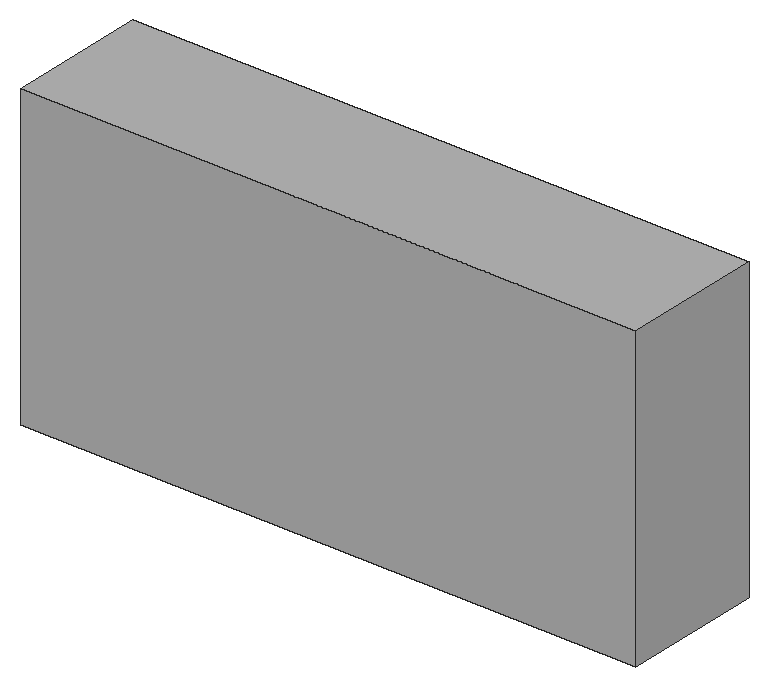
Revit family "100x215x440mm Padstone -PS101", category Generic Models, Revit 2020
Family settings
  Can host rebar = No
  Round Connector Dimension = Use Diameter
  Part Type = Normal
  Work Plane-Based = No
  Always vertical = Yes
  Cut with Voids When Loaded = No
  Shared = No
  Room Calculation Point = No
Parameters
  Weight = "23Kg"
  Warranty Guarantor Parts = "n/a"
  Warranty Guarantor Labour = "n/a"
  Warranty Duration Unit = "n/a"
  Warranty Duration Parts = "n/a"
  Warranty Duration Labour = "n/a"
  Warranty Description = "n/a"
  Unit Width [instance] = 100 mm
  Unit Length [instance] = 440 mm
  Unit Height [instance] = 215 mm
  URL = "www.killeshal.com"
  Types = "Single"
  Type Comments = "Visit our website for a full list of available products."
  Sustainability Performance = "n/a"
  Structural Class = "n/a"
  Span = "Length"
  Slope = "0.00°"
  Size = "100 Wide x 215 High x 440mm Long"
  Shape = "As per drawing"
  Service Life = "0.000000"
  Serial Number = "n/a"
  Resistance to Fire = "n/a"
  Replacement Cost = "n/a"
  Reference = "n/a"
  Notified Body = "n/a"
  Nominal Cover to Main Bar = "n/a"
  Model = "P/101 Padstone"
  Mechanical Resistance = "n/a"
  Manufacturer = "Killeshal Precast Concrete Ltd."
  Load Bearing = yes
  Life Cycle Environmental Load = "n/a"
  Length Options = "Stock sizes available. Custom sizes made to order."
  Keynote = "The information contained is the sole property of KPC Ltd., any reproduction in part or whole without permission of KPC Ltd. is prohibited."
  Environmental Product Declaration = "n/a"
  Environmental Class = "n/a"
  Durability against Corrosion = "n/a"
  Dimension Accuracy Class = "n/a"
  Detailing = "As per design specification and product drawings."
  Description = "Padstone 100 x 215 x 440mm"
  Default Elevation = 0 mm
  Dangerous Substances = "n/a"
  Contact Tel = "0035357 9353018"
  Contact Email = "sales@killeshal.com"
  Construction Type = "Precast"
  Construction Tolerance Class = "n/a"
  Compressive Strength of Concrete = "40N/mm²"
  Characteristics of Reinforcing Steel = "n/a"
  Characteristics Deflection Under Load = "n/a"
Reference planes
  plane 1 "Center (Front/Back)": y = 0
  plane 2: z = 0
  plane 3 "Center (Left/Right)": x = 0
  plane 4 "Rear": y = 50
  plane 5 "Front": y = -50
  plane 6 "Top": z = 215
Forms (mm)
  Extrusion 1, solid, material "Precast Concrete (KPC)"
    sketch origin (0, 0, 0) x (0, 1, 0) y (0, 0, 1)
      loop
        line (50, 0) -> (50, 215) -> (-50, 215) -> (-50, 0) -> (50, 0)
    from 0 to 440
Dimensions and locks
  "Unit Length": Extrusion 1 to Extrusion 1
  "Unit Width": Extrusion 1 to Extrusion 1
  "Unit Height": Extrusion 1 to Extrusion 1
  aligned and locked: level to plane 2
Automatic sketch dimensions
  Extrusion 1 sketch curve to level = 0 mm
  Extrusion 1 sketch curve to plane 5 "Front" = 0 mm
  Extrusion 1 sketch curve to plane 4 "Rear" = 0 mm
  Extrusion 1 sketch curve to plane 6 "Top" = 0 mm
